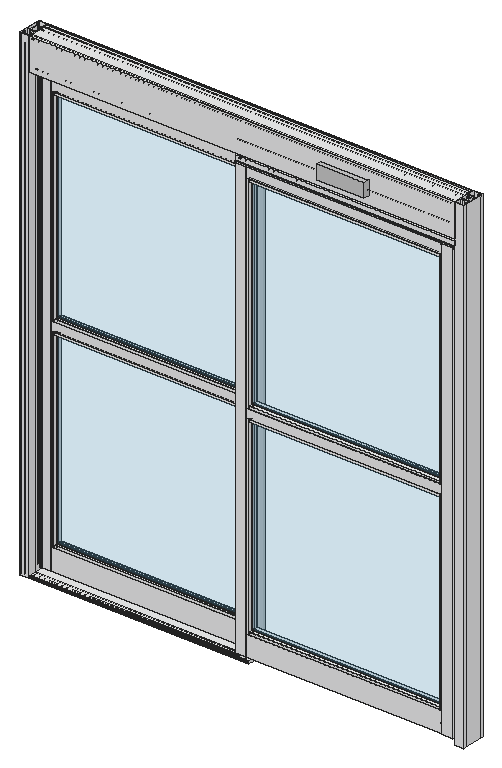
Revit family "2-6-1_Sliding-Door_TX9300SL_Single-RH-Inside-Slide-SX-SO_Tormax", category Doors, host Wall, Revit 2026 (continued)
Definition of nested family "Door-Sliding-Tormax-Panel-SX_2.6"
  Forms (in)
    Sweep 3, solid, material <- "Frame Material"
      profile origin (20.71875, 0, 42.06245) x (-1, 0, 0) y (0, -1, 0)
        loop
          line (1.844, -0.76483) -> (1.844, 0.76517) -> (0.33616, 0.76517)
          arc (0.33616, 0.76517) -> (0.28782, 0.57373) -> (0.25342, 0.37931) r 2.73645
          line (0.25342, 0.37931) -> (0.15, 0.37931) -> (0.15, 0.18239) -> (0.25029, 0.18239) -> (0.25029, -0.18239) -> (0.15, -0.18239) -> (0.15, -0.37931) -> (0.25342, -0.37931)
          arc (0.25342, -0.37931) -> (0.28778, -0.57356) -> (0.33606, -0.76483) r 2.73645
          line (0.33606, -0.76483) -> (1.844, -0.76483)
    Sweep 4, solid, material <- "Frame Material"
      path origin (0, 0, 0) x (1, 0, 0) y (0, 0, 1)
        loop
          line (0, 4.5) -> (0, 41.125)
      profile origin (0, 0, 22.8125) x (-1, 0, 0) y (0, -1, 0)
        loop
          line (-18.59375, -0.87481) -> (-18.09395, -0.87481) -> (-18.09395, -0.20955) -> (-18.05909, -0.20955) -> (-17.99796, -0.09459) -> (-18.01995, -0.07259) -> (-18.09186, -0.12483) -> (-18.30168, -0.12483) -> (-18.30168, -0.20955) -> (-18.4693, -0.20955) -> (-18.4693, -0.13997) -> (-18.55595, -0.13997) -> (-18.55595, 0.13997) -> (-18.4693, 0.13997) -> (-18.4693, 0.20955) -> (-18.30168, 0.20955) -> (-18.30168, 0.12483) -> (-18.09186, 0.12483) -> (-18.01995, 0.07259) -> (-17.99796, 0.09459) -> (-18.05909, 0.20955) -> (-18.09395, 0.20955) -> (-18.09395, 0.87481) -> (-18.59375, 0.87481) -> (-18.59375, 0.66561) -> (-18.69347, 0.66561) -> (-18.69347, 0.76483) -> (-18.74347, 0.76483) -> (-18.74347, 0.6157) -> (-18.63748, 0.6157) -> (-18.51344, 0.49166) -> (-18.51344, 0.32983)
          arc (-18.51344, 0.32983) -> (-18.57886, 0.30274) -> (-18.60595, 0.23732) r 0.09251
          line (-18.60595, 0.23732) -> (-18.60595, 0.1901) -> (-18.74975, 0.1901) -> (-18.74975, 0.13997) -> (-18.60595, 0.13997) -> (-18.60595, -0.13997) -> (-18.74975, -0.13997) -> (-18.74975, -0.1901) -> (-18.61896, -0.1901) -> (-18.61896, -0.25955) -> (-18.40109, -0.25955) -> (-18.40109, -0.4032) -> (-18.14361, -0.4032) -> (-18.14361, -0.8251) -> (-18.54358, -0.8251) -> (-18.54358, -0.65698) -> (-18.65806, -0.65698) -> (-18.65806, -0.70698) -> (-18.59375, -0.70698) -> (-18.59375, -0.87481)
        loop
          line (-18.49369, 0.8251) -> (-18.49369, 0.74143) -> (-18.55985, 0.74143) -> (-18.55985, 0.67847) -> (-18.46344, 0.58206) -> (-18.46344, 0.25099) -> (-18.40109, 0.25099) -> (-18.40109, 0.4032) -> (-18.14361, 0.4032) -> (-18.14361, 0.8251) -> (-18.49369, 0.8251)
        loop
          line (18.59375, -0.87481) -> (18.59375, -0.70698) -> (18.65806, -0.70698) -> (18.65806, -0.65698) -> (18.54358, -0.65698) -> (18.54358, -0.8251) -> (18.14361, -0.8251) -> (18.14361, -0.4032) -> (18.40109, -0.4032) -> (18.40109, -0.25955) -> (18.61896, -0.25955) -> (18.61896, -0.1901) -> (18.74975, -0.1901) -> (18.74975, -0.13997) -> (18.60595, -0.13997) -> (18.60595, 0.13997) -> (18.74975, 0.13997) -> (18.74975, 0.1901) -> (18.60595, 0.1901) -> (18.60595, 0.23732)
          arc (18.60595, 0.23732) -> (18.57886, 0.30274) -> (18.51344, 0.32983) r 0.09251
          line (18.51344, 0.32983) -> (18.51344, 0.49166) -> (18.63748, 0.6157) -> (18.74347, 0.6157) -> (18.74347, 0.76483) -> (18.69347, 0.76483) -> (18.69347, 0.66561) -> (18.59375, 0.66561) -> (18.59375, 0.87481) -> (18.09395, 0.87481) -> (18.09395, 0.20955) -> (18.05909, 0.20955) -> (17.99796, 0.09459) -> (18.01995, 0.07259) -> (18.09186, 0.12483) -> (18.30168, 0.12483) -> (18.30168, 0.20955) -> (18.4693, 0.20955) -> (18.4693, 0.13997) -> (18.55595, 0.13997) -> (18.55595, -0.13997) -> (18.4693, -0.13997) -> (18.4693, -0.20955) -> (18.30168, -0.20955) -> (18.30168, -0.12483) -> (18.09186, -0.12483) -> (18.01995, -0.07259) -> (17.99796, -0.09459) -> (18.05909, -0.20955) -> (18.09395, -0.20955) -> (18.09395, -0.87481) -> (18.59375, -0.87481)
        loop
          line (18.49369, 0.8251) -> (18.14361, 0.8251) -> (18.14361, 0.4032) -> (18.40109, 0.4032) -> (18.40109, 0.25099) -> (18.46344, 0.25099) -> (18.46344, 0.58206) -> (18.55985, 0.67847) -> (18.55985, 0.74143) -> (18.49369, 0.74143) -> (18.49369, 0.8251)
    Extrusion 5, solid, material <- "Glass"
      sketch origin (0, 0, 0) x (1, 0, 0) y (0, 1, 0)
        loop
          line (-18.30168, 0.12483) -> (-18.30168, -0.12517) -> (18.30168, -0.12517) -> (18.30168, 0.12483) -> (-18.30168, 0.12483)
      from 4.79207 to 40.83293
    Sweep 6, solid, material <- "Frame Material"
      path origin (0, 0, 0) x (1, 0, 0) y (0, 0, 1)
        loop
          line (-18.09395, 42) -> (18.09395, 42)
      profile origin (0, 0, 42) x (0, 0, 1) y (0, -1, 0)
        loop
          line (-37.5, 0.87481) -> (-37.5, 0.70698) -> (-37.56431, 0.70698) -> (-37.56431, 0.65698) -> (-37.44983, 0.65698) -> (-37.44983, 0.8251) -> (-37.04986, 0.8251) -> (-37.04986, 0.4032) -> (-37.30734, 0.4032) -> (-37.30734, 0.25955) -> (-37.52521, 0.25955) -> (-37.52521, 0.1901) -> (-37.656, 0.1901) -> (-37.656, 0.13997) -> (-37.5122, 0.13997) -> (-37.5122, -0.13997) -> (-37.656, -0.13997) -> (-37.656, -0.1901) -> (-37.5122, -0.1901) -> (-37.5122, -0.23732)
          arc (-37.5122, -0.23732) -> (-37.48511, -0.30274) -> (-37.41969, -0.32983) r 0.09251
          line (-37.41969, -0.32983) -> (-37.41969, -0.49166) -> (-37.54373, -0.6157) -> (-37.64972, -0.6157) -> (-37.64972, -0.76483) -> (-37.59972, -0.76483) -> (-37.59972, -0.66561) -> (-37.5, -0.66561) -> (-37.5, -0.87481) -> (-37.0002, -0.87481) -> (-37.0002, -0.20955) -> (-36.96534, -0.20955) -> (-36.90421, -0.09459) -> (-36.9262, -0.07259) -> (-36.99811, -0.12483) -> (-37.20793, -0.12483) -> (-37.20793, -0.20955) -> (-37.37555, -0.20955) -> (-37.37555, -0.13997) -> (-37.4622, -0.13997) -> (-37.4622, 0.13997) -> (-37.37555, 0.13997) -> (-37.37555, 0.20955) -> (-37.20793, 0.20955) -> (-37.20793, 0.12483) -> (-36.99811, 0.12483) -> (-36.9262, 0.07259) -> (-36.90421, 0.09459) -> (-36.96534, 0.20955) -> (-37.0002, 0.20955) -> (-37.0002, 0.87481) -> (-37.5, 0.87481)
        loop
          line (-37.39994, -0.8251) -> (-37.04986, -0.8251) -> (-37.04986, -0.4032) -> (-37.30734, -0.4032) -> (-37.30734, -0.25099) -> (-37.36969, -0.25099) -> (-37.36969, -0.58206) -> (-37.4661, -0.67847) -> (-37.4661, -0.74143) -> (-37.39994, -0.74143) -> (-37.39994, -0.8251)
        loop
          line (-0.875, 0.87481) -> (-1.3748, 0.87481) -> (-1.3748, 0.20955) -> (-1.40966, 0.20955) -> (-1.47079, 0.09459) -> (-1.4488, 0.07259) -> (-1.37689, 0.12483) -> (-1.16707, 0.12483) -> (-1.16707, 0.20955) -> (-0.99945, 0.20955) -> (-0.99945, 0.13997) -> (-0.9128, 0.13997) -> (-0.9128, -0.13997) -> (-0.99945, -0.13997) -> (-0.99945, -0.20955) -> (-1.16707, -0.20955) -> (-1.16707, -0.12483) -> (-1.37689, -0.12483) -> (-1.4488, -0.07259) -> (-1.47079, -0.09459) -> (-1.40966, -0.20955) -> (-1.3748, -0.20955) -> (-1.3748, -0.87481) -> (-0.875, -0.87481) -> (-0.875, -0.66561) -> (-0.77528, -0.66561) -> (-0.77528, -0.76483) -> (-0.72528, -0.76483) -> (-0.72528, -0.6157) -> (-0.83127, -0.6157) -> (-0.95531, -0.49166) -> (-0.95531, -0.32983)
          arc (-0.95531, -0.32983) -> (-0.88989, -0.30274) -> (-0.8628, -0.23732) r 0.09251
          line (-0.8628, -0.23732) -> (-0.8628, -0.1901) -> (-0.719, -0.1901) -> (-0.719, -0.13997) -> (-0.8628, -0.13997) -> (-0.8628, 0.13997) -> (-0.719, 0.13997) -> (-0.719, 0.1901) -> (-0.84979, 0.1901) -> (-0.84979, 0.25955) -> (-1.06766, 0.25955) -> (-1.06766, 0.4032) -> (-1.32514, 0.4032) -> (-1.32514, 0.8251) -> (-0.92517, 0.8251) -> (-0.92517, 0.65698) -> (-0.81069, 0.65698) -> (-0.81069, 0.70698) -> (-0.875, 0.70698) -> (-0.875, 0.87481)
        loop
          line (-0.97506, -0.8251) -> (-0.97506, -0.74143) -> (-0.9089, -0.74143) -> (-0.9089, -0.67847) -> (-1.00531, -0.58206) -> (-1.00531, -0.25099) -> (-1.06766, -0.25099) -> (-1.06766, -0.4032) -> (-1.32514, -0.4032) -> (-1.32514, -0.8251) -> (-0.97506, -0.8251)
        loop
          line (0.875, 0.87481) -> (0.875, 0.70698) -> (0.81069, 0.70698) -> (0.81069, 0.65698) -> (0.92517, 0.65698) -> (0.92517, 0.8251) -> (1.32514, 0.8251) -> (1.32514, 0.4032) -> (1.06766, 0.4032) -> (1.06766, 0.25955) -> (0.84979, 0.25955) -> (0.84979, 0.1901) -> (0.719, 0.1901) -> (0.719, 0.13997) -> (0.8628, 0.13997) -> (0.8628, -0.13997) -> (0.719, -0.13997) -> (0.719, -0.1901) -> (0.8628, -0.1901) -> (0.8628, -0.23732)
          arc (0.8628, -0.23732) -> (0.88989, -0.30274) -> (0.95531, -0.32983) r 0.09251
          line (0.95531, -0.32983) -> (0.95531, -0.49166) -> (0.83127, -0.6157) -> (0.72528, -0.6157) -> (0.72528, -0.76483) -> (0.77528, -0.76483) -> (0.77528, -0.66561) -> (0.875, -0.66561) -> (0.875, -0.87481) -> (1.3748, -0.87481) -> (1.3748, -0.20955) -> (1.40966, -0.20955) -> (1.47079, -0.09459) -> (1.4488, -0.07259) -> (1.37689, -0.12483) -> (1.16707, -0.12483) -> (1.16707, -0.20955) -> (0.99945, -0.20955) -> (0.99945, -0.13997) -> (0.9128, -0.13997) -> (0.9128, 0.13997) -> (0.99945, 0.13997) -> (0.99945, 0.20955) -> (1.16707, 0.20955) -> (1.16707, 0.12483) -> (1.37689, 0.12483) -> (1.4488, 0.07259) -> (1.47079, 0.09459) -> (1.40966, 0.20955) -> (1.3748, 0.20955) -> (1.3748, 0.87481) -> (0.875, 0.87481)
        loop
          line (0.97506, -0.8251) -> (1.32514, -0.8251) -> (1.32514, -0.4032) -> (1.06766, -0.4032) -> (1.06766, -0.25099) -> (1.00531, -0.25099) -> (1.00531, -0.58206) -> (0.9089, -0.67847) -> (0.9089, -0.74143) -> (0.97506, -0.74143) -> (0.97506, -0.8251)
        loop
          line (39.8749, 0.87481) -> (39.3751, 0.87481) -> (39.3751, 0.20955) -> (39.34024, 0.20955) -> (39.27911, 0.09459) -> (39.30111, 0.07259) -> (39.37301, 0.12483) -> (39.58283, 0.12483) -> (39.58283, 0.20955) -> (39.75045, 0.20955) -> (39.75045, 0.13997) -> (39.83711, 0.13997) -> (39.83711, -0.13997) -> (39.75045, -0.13997) -> (39.75045, -0.20955) -> (39.58283, -0.20955) -> (39.58283, -0.12483) -> (39.37301, -0.12483) -> (39.30111, -0.07259) -> (39.27911, -0.09459) -> (39.34024, -0.20955) -> (39.3751, -0.20955) -> (39.3751, -0.87481) -> (39.8749, -0.87481) -> (39.8749, -0.66561) -> (39.97462, -0.66561) -> (39.97462, -0.76483) -> (40.02462, -0.76483) -> (40.02462, -0.6157) -> (39.91863, -0.6157) -> (39.79459, -0.49166) -> (39.79459, -0.32983)
          arc (39.79459, -0.32983) -> (39.86001, -0.30274) -> (39.88711, -0.23732) r 0.09251
          line (39.88711, -0.23732) -> (39.88711, -0.1901) -> (40.0309, -0.1901) -> (40.0309, -0.13997) -> (39.88711, -0.13997) -> (39.88711, 0.13997) -> (40.0309, 0.13997) -> (40.0309, 0.1901) -> (39.90011, 0.1901) -> (39.90011, 0.25955) -> (39.68225, 0.25955) -> (39.68225, 0.4032) -> (39.42476, 0.4032) -> (39.42476, 0.8251) -> (39.82473, 0.8251) -> (39.82473, 0.65698) -> (39.93921, 0.65698) -> (39.93921, 0.70698) -> (39.8749, 0.70698) -> (39.8749, 0.87481)
        loop
          line (39.77485, -0.8251) -> (39.77485, -0.74143) -> (39.84101, -0.74143) -> (39.84101, -0.67847) -> (39.74459, -0.58206) -> (39.74459, -0.25099) -> (39.68225, -0.25099) -> (39.68225, -0.4032) -> (39.42476, -0.4032) -> (39.42476, -0.8251) -> (39.77485, -0.8251)
    Sweep 7, solid, material <- "Frame Material"
      path origin (0, 0, 0) x (1, 0, 0) y (0, 0, 1)
        loop
          line (0, 42.875) -> (0, 81.8749)
      profile origin (0, 0, 62.37495) x (-1, 0, 0) y (0, -1, 0)
        loop
          line (-18.59375, -0.87481) -> (-18.09395, -0.87481) -> (-18.09395, -0.20955) -> (-18.05909, -0.20955) -> (-17.99796, -0.09459) -> (-18.01995, -0.07259) -> (-18.09186, -0.12483) -> (-18.30168, -0.12483) -> (-18.30168, -0.20955) -> (-18.4693, -0.20955) -> (-18.4693, -0.13997) -> (-18.55595, -0.13997) -> (-18.55595, 0.13997) -> (-18.4693, 0.13997) -> (-18.4693, 0.20955) -> (-18.30168, 0.20955) -> (-18.30168, 0.12483) -> (-18.09186, 0.12483) -> (-18.01995, 0.07259) -> (-17.99796, 0.09459) -> (-18.05909, 0.20955) -> (-18.09395, 0.20955) -> (-18.09395, 0.87481) -> (-18.59375, 0.87481) -> (-18.59375, 0.66561) -> (-18.69347, 0.66561) -> (-18.69347, 0.76483) -> (-18.74347, 0.76483) -> (-18.74347, 0.6157) -> (-18.63748, 0.6157) -> (-18.51344, 0.49166) -> (-18.51344, 0.32983)
          arc (-18.51344, 0.32983) -> (-18.57886, 0.30274) -> (-18.60595, 0.23732) r 0.09251
          line (-18.60595, 0.23732) -> (-18.60595, 0.1901) -> (-18.74975, 0.1901) -> (-18.74975, 0.13997) -> (-18.60595, 0.13997) -> (-18.60595, -0.13997) -> (-18.74975, -0.13997) -> (-18.74975, -0.1901) -> (-18.61896, -0.1901) -> (-18.61896, -0.25955) -> (-18.40109, -0.25955) -> (-18.40109, -0.4032) -> (-18.14361, -0.4032) -> (-18.14361, -0.8251) -> (-18.54358, -0.8251) -> (-18.54358, -0.65698) -> (-18.65806, -0.65698) -> (-18.65806, -0.70698) -> (-18.59375, -0.70698) -> (-18.59375, -0.87481)
        loop
          line (-18.49369, 0.8251) -> (-18.49369, 0.74143) -> (-18.55985, 0.74143) -> (-18.55985, 0.67847) -> (-18.46344, 0.58206) -> (-18.46344, 0.25099) -> (-18.40109, 0.25099) -> (-18.40109, 0.4032) -> (-18.14361, 0.4032) -> (-18.14361, 0.8251) -> (-18.49369, 0.8251)
        loop
          line (18.59375, -0.87481) -> (18.59375, -0.70698) -> (18.65806, -0.70698) -> (18.65806, -0.65698) -> (18.54358, -0.65698) -> (18.54358, -0.8251) -> (18.14361, -0.8251) -> (18.14361, -0.4032) -> (18.40109, -0.4032) -> (18.40109, -0.25955) -> (18.61896, -0.25955) -> (18.61896, -0.1901) -> (18.74975, -0.1901) -> (18.74975, -0.13997) -> (18.60595, -0.13997) -> (18.60595, 0.13997) -> (18.74975, 0.13997) -> (18.74975, 0.1901) -> (18.60595, 0.1901) -> (18.60595, 0.23732)
          arc (18.60595, 0.23732) -> (18.57886, 0.30274) -> (18.51344, 0.32983) r 0.09251
          line (18.51344, 0.32983) -> (18.51344, 0.49166) -> (18.63748, 0.6157) -> (18.74347, 0.6157) -> (18.74347, 0.76483) -> (18.69347, 0.76483) -> (18.69347, 0.66561) -> (18.59375, 0.66561) -> (18.59375, 0.87481) -> (18.09395, 0.87481) -> (18.09395, 0.20955) -> (18.05909, 0.20955) -> (17.99796, 0.09459) -> (18.01995, 0.07259) -> (18.09186, 0.12483) -> (18.30168, 0.12483) -> (18.30168, 0.20955) -> (18.4693, 0.20955) -> (18.4693, 0.13997) -> (18.55595, 0.13997) -> (18.55595, -0.13997) -> (18.4693, -0.13997) -> (18.4693, -0.20955) -> (18.30168, -0.20955) -> (18.30168, -0.12483) -> (18.09186, -0.12483) -> (18.01995, -0.07259) -> (17.99796, -0.09459) -> (18.05909, -0.20955) -> (18.09395, -0.20955) -> (18.09395, -0.87481) -> (18.59375, -0.87481)
        loop
          line (18.49369, 0.8251) -> (18.14361, 0.8251) -> (18.14361, 0.4032) -> (18.40109, 0.4032) -> (18.40109, 0.25099) -> (18.46344, 0.25099) -> (18.46344, 0.58206) -> (18.55985, 0.67847) -> (18.55985, 0.74143) -> (18.49369, 0.74143) -> (18.49369, 0.8251)
    Extrusion 8, solid, material <- "Glass"
      sketch origin (0, 0, 0) x (1, 0, 0) y (0, 1, 0)
        loop
          line (-18.30168, 0.12483) -> (-18.30168, -0.12517) -> (18.30168, -0.12517) -> (18.30168, 0.12483) -> (-18.30168, 0.12483)
      from 43.16707 to 81.58283
    Sweep 9, solid, material <- "Frame Material"
      path origin (0, 0, 0) x (1, 0, 0) y (0, 0, 1)
        loop
          line (-20.71875, 85) -> (20.71875, 85)
      profile origin (0, 0, 85) x (0, 0, 1) y (0, -1, 0)
        loop
          line (-1.08701, -0.859) -> (-1.08701, -0.63529) -> (-1.21201, -0.68471) -> (-1.21201, -0.49529) -> (-1.09278, -0.54243)
          arc (-1.09278, -0.54243) -> (-1.03855, -0.41755) -> (-1.02001, -0.28267) r 0.5
          line (-1.02001, -0.28267) -> (-1.02001, 0.253)
          arc (-1.02001, 0.253) -> (-0.94504, 0.328) -> (-0.87001, 0.25306) r 0.075
          line (-0.87001, 0.25306) -> (-0.87001, 0.01297)
          arc (-0.87001, 0.01297) -> (-0.86062, -0.08351) -> (-0.83278, -0.17636) r 0.5
          arc (-0.83278, -0.17636) -> (-0.80501, -0.195) -> (-0.77725, -0.17636) r 0.03
          arc (-0.77725, -0.17636) -> (-0.76152, -0.13208) -> (-0.75001, -0.08652) r 0.5
          line (-0.75001, -0.08652) -> (-0.75001, 0.859) -> (-1.3751, 0.859) -> (-1.3751, -0.859) -> (-1.08701, -0.859)
    Extrusion 10, solid
      sketch origin (0, 0, 0) x (1, 0, 0) y (0, 1, 0)
        loop
          circle (-19.67175, 0) r 0.69
      from 0 to 0.5
  Lines and regions (in)
    symbolic lines
      curve 1: line (-20.71875, 0, 42) -> (20.71875, 0, 83.6249)
      curve 2: line (-20.71875, 0, 42) -> (20.71875, 0, 0.5)
      curve 3: line (-19.67175, -0.91, 0) -> (-19.67175, -41.3005, 0)
      curve 4: arc (-19.67175, -41.3005, 0) -> (8.88865, -29.4704, 0) -> (20.71875, -0.91, 0) r 40.3905
  Dimensions and locks (in)
    "Height": plane 4 to level
    equal spacing: plane 10, plane 3 "Center (Left/Right)", plane 11
    "Width": plane 10 to plane 11
    "Thickness": plane 9 "INTERIOR" to plane 8 "EXTERIOR"
    equal spacing: plane 9 "INTERIOR", plane 1 "Center (Front/Back)", plane 8 "EXTERIOR"
    locked: plane 10 to plane 12 at 2.125
    locked: plane 13 to plane 11 at 2.125
    locked: plane 5 to level at 42
    plane 14 to plane 5 to plane 15 = 0' - 0 7/8" locked, 0' - 0 7/8" locked
    plane 10 to Sweep 1 sketch curve to Sweep 1 sketch curve = 0' - 2 1/8" locked, 0' - 0" locked
    plane 17 to plane 18 = 0' - 4"
    locked: Sweep 4 sketch curve to plane 13 at 0.4998  (x2)
    plane 12 to Sweep 4 sketch curve to Sweep 4 sketch curve = 0' - 0.4998" locked, 0' - 0" locked
    plane 7 to plane 1 "Center (Front/Back)" to plane 6 = 0' - 0.12517" locked, 0' - 0.12483" locked
    locked: Extrusion 5 sketch curve to plane 13 at 0.29207
    locked: plane 12 to Extrusion 5 sketch curve at 0.29207
    locked: Sweep 6 sketch curve to plane 13 at 0.4998
    locked: Sweep 6 sketch curve to plane 12 at 0.4998
    locked: Sweep 6 sketch curve to plane 17 at 0.4998  (x2)
    Sweep 6 sketch curve to Sweep 6 sketch curve to plane 15 = 0' - 0" locked, 0' - 0.4998" locked
    Sweep 6 sketch curve to Sweep 6 sketch curve to plane 14 = 0' - 0" locked, 0' - 0.4998" locked
    Sweep 6 sketch curve to Sweep 6 sketch curve to plane 16 = 0' - 0" locked, 0' - 0.4998" locked
    locked: plane 17 to Extrusion 5 at 0.29207
    locked: Extrusion 5 to plane 15 at 0.29207
    locked: Extrusion 8 to plane 14 at 0.29207
    locked: Extrusion 8 to plane 16 at 0.29207
    locked: plane 12 to Sweep 7 sketch curve at 0.4998  (x2)
    Sweep 7 sketch curve to Sweep 7 sketch curve to plane 13 = 0' - 0" locked, 0' - 0.4998" locked
    locked: plane 16 to plane 4 at 3.1251
    plane 16 to Sweep 2 sketch curve to Sweep 2 sketch curve = 0' - 1.444" locked, 0' - 0.15" locked
    locked: plane 18 to plane 2 at 0.5
    locked: plane 10 to plane 19 at 1.047
    locked: plane 4 to plane 20 at 1.3751
    locked: plane 20 to Sweep 9 sketch curve at 0.62508
    "Door Swing": radius of curve 4
    aligned and locked: plane 2 to level
    aligned and locked: Sweep 1 sketch curve to plane 10
    aligned and locked: Sweep 1 sketch curve to plane 9 "INTERIOR"
    aligned and locked: Sweep 1 sketch curve to plane 8 "EXTERIOR"
    aligned and locked: plane 12 to Sweep 2 sketch curve
    aligned and locked: plane 13 to Sweep 2 sketch curve
    aligned and locked: Sweep 2 sketch curve to plane 2
    aligned and locked: plane 14 to Sweep 2 sketch curve
    aligned and locked: Sweep 2 sketch curve to plane 14
    aligned and locked: plane 11 to Sweep 3 sketch curve
    aligned and locked: plane 13 to Sweep 3 sketch curve
    aligned and locked: plane 3 "Center (Left/Right)" to Sweep 4 sketch curve
    aligned and locked: plane 15 to Sweep 4 sketch curve
    aligned and locked: plane 17 to Sweep 4 sketch curve
    aligned and locked: Sweep 4 sketch curve to plane 13
    aligned and locked: plane 13 to Sweep 4 sketch curve
    aligned and locked: plane 12 to Sweep 4 sketch curve
    aligned and locked: Sweep 4 sketch curve to plane 12
    aligned and locked: plane 6 to Extrusion 5 sketch curve
    aligned and locked: plane 7 to Extrusion 5 sketch curve
    aligned and locked: Sweep 6 sketch curve to plane 5
    aligned and locked: plane 17 to Sweep 6 sketch curve
    aligned and locked: Sweep 6 sketch curve to plane 17
    aligned and locked: plane 15 to Sweep 6 sketch curve
    aligned and locked: Sweep 6 sketch curve to plane 15
    aligned and locked: Sweep 6 sketch curve to plane 14
    aligned and locked: plane 14 to Sweep 6 sketch curve
    aligned and locked: Sweep 6 sketch curve to plane 16
    aligned and locked: plane 16 to Sweep 6 sketch curve
    aligned and locked: plane 16 to Sweep 7 sketch curve
    aligned and locked: plane 14 to Sweep 7 sketch curve
    aligned and locked: plane 12 to Sweep 7 sketch curve
    aligned and locked: Sweep 7 sketch curve to plane 12
    aligned and locked: Sweep 7 sketch curve to plane 13
    aligned and locked: plane 13 to Sweep 7 sketch curve
    aligned and locked: plane 10 to Sweep 9 sketch curve
    aligned and locked: plane 11 to Sweep 9 sketch curve
    aligned and locked: Sweep 9 sketch curve to plane 4
    aligned and locked: Sweep 2 sketch curve to plane 16  (x2)
    aligned and locked: plane 5 to curve 2
    aligned and locked: plane 10 to curve 1
    aligned and locked: plane 17 to Sweep 2 sketch curve  (x2)
    aligned and locked: Sweep 2 sketch curve to plane 18  (x2)
    aligned and locked: plane 18 to Sweep 1 sketch curve
    aligned and locked: plane 18 to Sweep 3 sketch curve
    aligned and locked: plane 18 to curve 2
    aligned and locked: plane 11 to curve 2
    aligned and locked: plane 1 "Center (Front/Back)" to Extrusion 10 sketch curve
    aligned and locked: curve 3 to plane 19
    aligned and locked: plane 8 "EXTERIOR" to curve 4  (x2)
    aligned and locked: plane 19 to curve 4
    aligned and locked: Sweep 1 to Extrusion 10
    aligned and locked: plane 20 to Sweep 1 sketch curve
    aligned and locked: plane 20 to curve 1
    aligned and locked: plane 20 to Sweep 3 sketch curve
    aligned and locked: Sweep 9 sketch curve to plane 20
  Automatic sketch dimensions
    Sweep 4 sketch curve to Sweep 4 sketch curve = 0' - 0.0122"
    Sweep 4 sketch curve to plane 1 "Center (Front/Back)" = 0' - 0.13997"
    Sweep 4 sketch curve to Sweep 4 sketch curve = 0' - 0"  (x5)
    Sweep 4 sketch curve to Sweep 4 sketch curve = 0' - 0.01301"  (x2)
    plane 1 "Center (Front/Back)" to Sweep 4 sketch curve = 0' - 0.6157"
    Sweep 4 sketch curve to Sweep 4 sketch curve = 0' - 0.04373"  (x2)
    Sweep 4 sketch curve to Sweep 4 sketch curve = 0' - 0.06431"  (x2)
    Sweep 4 sketch curve to Sweep 4 sketch curve = 0' - 0.05599"
    Sweep 4 sketch curve to Sweep 4 sketch curve = 0' - 0.05"  (x8)
    Sweep 4 sketch curve to Sweep 4 sketch curve = 0' - 0.13079"  (x2)
    Sweep 4 sketch curve to Sweep 4 sketch curve = 0' - 0.1438"  (x2)
    Sweep 4 sketch curve to Sweep 4 sketch curve = 0' - 0.0339"  (x2)
    Sweep 4 sketch curve to Sweep 4 sketch curve = 0' - 0.05017"  (x2)
    plane 1 "Center (Front/Back)" to Sweep 4 sketch curve = 0' - 0.49166"
    Sweep 4 sketch curve to Sweep 4 sketch curve = 0' - 0.12404"  (x2)
    Sweep 4 sketch curve to Sweep 4 sketch curve = 0' - 0.06616"  (x2)
    Sweep 4 sketch curve to Sweep 4 sketch curve = 0' - 0.08665"  (x3)
    Sweep 4 sketch curve to Sweep 4 sketch curve = 0' - 0.00586"  (x2)
    Sweep 4 sketch curve to Sweep 4 sketch curve = 0' - 0.0682"  (x2)
    Sweep 4 sketch curve to Sweep 4 sketch curve = 0' - 0.11234"
    Sweep 4 sketch curve to Sweep 4 sketch curve = 0' - 0.09942"  (x4)
    Sweep 4 sketch curve to Sweep 4 sketch curve = 0' - 0.04966"  (x4)
    Sweep 4 sketch curve to plane 1 "Center (Front/Back)" = 0' - 0.12483"
    Sweep 4 sketch curve to Sweep 4 sketch curve = 0' - 0.00209"  (x2)
    Sweep 4 sketch curve to Sweep 4 sketch curve = 0' - 0.03487"  (x4)
    plane 1 "Center (Front/Back)" to Sweep 4 sketch curve = 0' - 0.20955"  (x2)
    plane 1 "Center (Front/Back)" to Sweep 4 sketch curve = 0' - 0.07259"  (x2)
    Sweep 4 sketch curve to Sweep 4 sketch curve = 0' - 0.0719"  (x4)
    Sweep 4 sketch curve to plane 1 "Center (Front/Back)" = 0' - 0.07259"  (x2)
    Sweep 4 sketch curve to plane 1 "Center (Front/Back)" = 0' - 0.09459"  (x2)
    Sweep 4 sketch curve to Sweep 4 sketch curve = 0' - 0.02199"  (x4)
    plane 1 "Center (Front/Back)" to Sweep 4 sketch curve = 0' - 0.09459"  (x2)
    Sweep 4 sketch curve to Sweep 4 sketch curve = 0' - 0.06113"
    Sweep 4 sketch curve to plane 1 "Center (Front/Back)" = 0' - 0.20955"
    plane 1 "Center (Front/Back)" to Sweep 4 sketch curve = 0' - 0.12483"
    Sweep 4 sketch curve to Sweep 4 sketch curve = 0' - 0.06234"
    Sweep 4 sketch curve to Sweep 4 sketch curve = 0' - 0.03026"
    Sweep 4 sketch curve to Sweep 4 sketch curve = 0' - 0.14248"
    Sweep 4 sketch curve to Sweep 4 sketch curve = 0' - 0.09251"
    Sweep 4 sketch curve to Sweep 4 sketch curve = 0' - 0.13361"
    Sweep 4 sketch curve to plane 1 "Center (Front/Back)" = 0' - 0.25955"
    Sweep 4 sketch curve to Sweep 4 sketch curve = 0' - 0.11958"
    Sweep 4 sketch curve to Sweep 4 sketch curve = 0' - 0.14365"
    Sweep 4 sketch curve to Sweep 4 sketch curve = 0' - 0.19365"  (x3)
    Sweep 4 sketch curve to Sweep 4 sketch curve = 0' - 0.25378"  (x2)
    Sweep 4 sketch curve to Sweep 4 sketch curve = 0' - 0.4219"  (x2)
    Sweep 4 sketch curve to Sweep 4 sketch curve = 0' - 0.04971"  (x4)
    Sweep 4 sketch curve to Sweep 4 sketch curve = 0' - 0.08472"  (x5)
    Sweep 4 sketch curve to Sweep 4 sketch curve = 0' - 0.05012"  (x4)
    Sweep 4 sketch curve to Sweep 4 sketch curve = 0' - 0.06945"
    Sweep 4 sketch curve to Sweep 4 sketch curve = 0' - 0.06958"  (x2)
    plane 1 "Center (Front/Back)" to Sweep 4 sketch curve = 0' - 0.13997"  (x2)
    Sweep 4 sketch curve to Sweep 4 sketch curve = 0' - 0.04722"
    Sweep 4 sketch curve to Sweep 4 sketch curve = 0' - 0.02777"
    Sweep 4 sketch curve to Sweep 4 sketch curve = 0' - 0.04144"  (x2)
    Sweep 4 sketch curve to Sweep 4 sketch curve = 0' - 0.08847"
    Sweep 4 sketch curve to Sweep 4 sketch curve = 0' - 0.0904"  (x2)
    Sweep 4 sketch curve to Sweep 4 sketch curve = 0' - 0.04991"  (x2)
    Sweep 4 sketch curve to Sweep 4 sketch curve = 0' - 0.01286"  (x2)
    Sweep 4 sketch curve to Sweep 4 sketch curve = 0' - 0.06296"  (x2)
    Sweep 4 sketch curve to Sweep 4 sketch curve = 0' - 0.09922"  (x2)
    Sweep 4 sketch curve to Sweep 4 sketch curve = 0' - 0.08367"  (x2)
    Sweep 7 sketch curve to plane 3 "Center (Left/Right)" = 0' - 0"
    plane 1 "Center (Front/Back)" to Sweep 7 sketch curve = 0' - 0.1901"
    Sweep 7 sketch curve to Sweep 7 sketch curve = 0' - 0"  (x6)
    Sweep 7 sketch curve to Sweep 7 sketch curve = 0' - 0.00628"
    Sweep 7 sketch curve to Sweep 7 sketch curve = 0' - 0.05"  (x8)
    Sweep 7 sketch curve to Sweep 7 sketch curve = 0' - 0.05599"
    Sweep 7 sketch curve to Sweep 7 sketch curve = 0' - 0.13079"  (x2)
    Sweep 7 sketch curve to Sweep 7 sketch curve = 0' - 0.1438"  (x2)
    Sweep 7 sketch curve to Sweep 7 sketch curve = 0' - 0.06431"  (x2)
    Sweep 7 sketch curve to Sweep 7 sketch curve = 0' - 0.04373"  (x2)
    Sweep 7 sketch curve to Sweep 7 sketch curve = 0' - 0.0339"  (x2)
    Sweep 7 sketch curve to Sweep 7 sketch curve = 0' - 0.05017"  (x2)
    plane 1 "Center (Front/Back)" to Sweep 7 sketch curve = 0' - 0.49166"
    Sweep 7 sketch curve to Sweep 7 sketch curve = 0' - 0.12404"  (x3)
    Sweep 7 sketch curve to Sweep 7 sketch curve = 0' - 0.06616"  (x2)
    Sweep 7 sketch curve to Sweep 7 sketch curve = 0' - 0.08665"  (x3)
    Sweep 7 sketch curve to Sweep 7 sketch curve = 0' - 0.00586"  (x2)
    Sweep 7 sketch curve to Sweep 7 sketch curve = 0' - 0.0682"  (x2)
    Sweep 7 sketch curve to Sweep 7 sketch curve = 0' - 0.11234"
    Sweep 7 sketch curve to Sweep 7 sketch curve = 0' - 0.09942"  (x4)
    Sweep 7 sketch curve to Sweep 7 sketch curve = 0' - 0.04966"  (x4)
    Sweep 7 sketch curve to plane 1 "Center (Front/Back)" = 0' - 0.12483"
    Sweep 7 sketch curve to Sweep 7 sketch curve = 0' - 0.00209"  (x2)
    Sweep 7 sketch curve to Sweep 7 sketch curve = 0' - 0.03487"  (x4)
    plane 1 "Center (Front/Back)" to Sweep 7 sketch curve = 0' - 0.20955"  (x2)
    plane 1 "Center (Front/Back)" to Sweep 7 sketch curve = 0' - 0.07259"  (x2)
    Sweep 7 sketch curve to Sweep 7 sketch curve = 0' - 0.0719"  (x4)
    Sweep 7 sketch curve to plane 1 "Center (Front/Back)" = 0' - 0.07259"  (x2)
    Sweep 7 sketch curve to plane 1 "Center (Front/Back)" = 0' - 0.09459"  (x2)
    Sweep 7 sketch curve to Sweep 7 sketch curve = 0' - 0.02199"  (x4)
    plane 1 "Center (Front/Back)" to Sweep 7 sketch curve = 0' - 0.09459"  (x2)
    Sweep 7 sketch curve to plane 1 "Center (Front/Back)" = 0' - 0.20955"
    Sweep 7 sketch curve to Sweep 7 sketch curve = 0' - 0.06113"
    plane 1 "Center (Front/Back)" to Sweep 7 sketch curve = 0' - 0.12483"
    Sweep 7 sketch curve to Sweep 7 sketch curve = 0' - 0.06234"
    Sweep 7 sketch curve to Sweep 7 sketch curve = 0' - 0.03026"
    Sweep 7 sketch curve to Sweep 7 sketch curve = 0' - 0.14248"
    Sweep 7 sketch curve to Sweep 7 sketch curve = 0' - 0.09251"
    Sweep 7 sketch curve to Sweep 7 sketch curve = 0' - 0.01301"
    Sweep 7 sketch curve to Sweep 7 sketch curve = 0' - 0.13361"
    Sweep 7 sketch curve to plane 1 "Center (Front/Back)" = 0' - 0.25955"  (x2)
    Sweep 7 sketch curve to Sweep 7 sketch curve = 0' - 0.14365"
    Sweep 7 sketch curve to Sweep 7 sketch curve = 0' - 0.19365"  (x3)
    Sweep 7 sketch curve to Sweep 7 sketch curve = 0' - 0.25378"  (x2)
    Sweep 7 sketch curve to Sweep 7 sketch curve = 0' - 0.4219"  (x2)
    Sweep 7 sketch curve to Sweep 7 sketch curve = 0' - 0.04971"  (x4)
    Sweep 7 sketch curve to Sweep 7 sketch curve = 0' - 0.08472"  (x5)
    Sweep 7 sketch curve to Sweep 7 sketch curve = 0' - 0.06945"  (x2)
    Sweep 7 sketch curve to Sweep 7 sketch curve = 0' - 0.05012"  (x4)
    Sweep 7 sketch curve to Sweep 7 sketch curve = 0' - 0.06958"  (x2)
    plane 1 "Center (Front/Back)" to Sweep 7 sketch curve = 0' - 0.13997"
    Sweep 7 sketch curve to Sweep 7 sketch curve = 0' - 0.04722"
    Sweep 7 sketch curve to Sweep 7 sketch curve = 0' - 0.02777"
    Sweep 7 sketch curve to Sweep 7 sketch curve = 0' - 0.04144"  (x2)
    Sweep 7 sketch curve to Sweep 7 sketch curve = 0' - 0.08847"
    Sweep 7 sketch curve to Sweep 7 sketch curve = 0' - 0.0904"  (x2)
    Sweep 7 sketch curve to Sweep 7 sketch curve = 0' - 0.04991"  (x2)
    Sweep 7 sketch curve to Sweep 7 sketch curve = 0' - 0.01286"  (x2)
    Sweep 7 sketch curve to Sweep 7 sketch curve = 0' - 0.06296"  (x2)
    Sweep 7 sketch curve to Sweep 7 sketch curve = 0' - 0.09922"  (x2)
    Sweep 7 sketch curve to Sweep 7 sketch curve = 0' - 0.08367"  (x2)
    Extrusion 8 sketch curve to plane 7 = 0' - 0"
    plane 6 to Extrusion 8 sketch curve = 0' - 0"
    plane 12 to Extrusion 8 sketch curve = 0' - 0.29207"
    plane 13 to Extrusion 8 sketch curve = 0' - 0.29207"
    Sweep 3 sketch curve to Sweep 3 sketch curve = 0' - 0"  (x9)
    plane 1 "Center (Front/Back)" to Sweep 3 sketch curve = 0' - 0"
    Sweep 3 sketch curve to Sweep 3 sketch curve = 0' - 0.09725"
    Sweep 3 sketch curve to Sweep 3 sketch curve = 0' - 0.09783"  (x2)
    Sweep 3 sketch curve to Sweep 3 sketch curve = 0' - 0.05875"
    Sweep 3 sketch curve to Sweep 3 sketch curve = 0' - 0 1/8"
    Sweep 3 sketch curve to profile plane = 0' - 0.33606"
    Sweep 3 sketch curve to Sweep 3 sketch curve = 0' - 0.05805"
    Sweep 3 sketch curve to profile plane = 0' - 0.25342"
    Sweep 3 sketch curve to Sweep 3 sketch curve = 0' - 0.00312"
    Sweep 3 sketch curve to Sweep 3 sketch curve = 0' - 0.07719"  (x2)
    Sweep 3 sketch curve to Sweep 3 sketch curve = 0' - 0.06839"
    Sweep 3 sketch curve to Sweep 3 sketch curve = 0' - 0.01995"  (x2)
    Sweep 3 sketch curve to Sweep 3 sketch curve = 0' - 0.03503"  (x2)
    Sweep 3 sketch curve to Sweep 3 sketch curve = 0' - 0.05764"  (x2)
    Sweep 3 sketch curve to Sweep 3 sketch curve = 0' - 0.05533"
    Sweep 3 sketch curve to Sweep 3 sketch curve = 0' - 0.07528"  (x2)
    Sweep 3 sketch curve to Sweep 3 sketch curve = 0' - 0.07175"  (x2)
    Sweep 3 sketch curve to profile plane = 0' - 0.05562"  (x2)
    Sweep 3 sketch curve to plane 1 "Center (Front/Back)" = 0' - 0.18239"
    Sweep 3 sketch curve to Sweep 3 sketch curve = 0' - 0.19693"  (x2)
    Sweep 3 sketch curve to Sweep 3 sketch curve = 0' - 0.07617"  (x2)
    Sweep 3 sketch curve to Sweep 3 sketch curve = 0' - 0.01817"  (x2)
    Sweep 3 sketch curve to Sweep 3 sketch curve = 0' - 0.01512"
    Sweep 3 sketch curve to Sweep 3 sketch curve = 0' - 0.05648"
    Sweep 3 sketch curve to Sweep 3 sketch curve = 0' - 0.02003"  (x2)
    plane 1 "Center (Front/Back)" to Sweep 3 sketch curve = 0' - 0.18239"
    Sweep 3 sketch curve to Sweep 3 sketch curve = 0' - 0.05615"
    Sweep 3 sketch curve to Sweep 3 sketch curve = 0' - 0.07564"
    Sweep 3 sketch curve to Sweep 3 sketch curve = 0' - 0.14517"
    Sweep 3 sketch curve to Sweep 3 sketch curve = 0' - 0.05815"
    Sweep 3 sketch curve to Sweep 3 sketch curve = 0' - 0.10029"
    Sweep 3 sketch curve to profile plane = 0' - 0.10913"
    Sweep 3 sketch curve to profile plane = 0' - 0.10975"
    Sweep 3 sketch curve to Sweep 3 sketch curve = 0' - 0.07408"
    Sweep 1 sketch curve to Sweep 1 sketch curve = 0' - 0"  (x4)
    plane 1 "Center (Front/Back)" to Sweep 1 sketch curve = 0' - 0"
    Sweep 1 sketch curve to plane 1 "Center (Front/Back)" = 0' - 0.77559"
    Sweep 1 sketch curve to Sweep 1 sketch curve = 0' - 0.11639"  (x2)
    Sweep 1 sketch curve to Sweep 1 sketch curve = 0' - 0.03961"
    Sweep 1 sketch curve to Sweep 1 sketch curve = 0' - 0 1/8"
    profile plane to Sweep 1 sketch curve = 0' - 0 1/4"
    profile plane to Sweep 1 sketch curve = 0' - 0.22824"
    profile plane to Sweep 1 sketch curve = 0' - 0.14081"
    Sweep 1 sketch curve to Sweep 1 sketch curve = 0' - 0.11893"  (x2)
    Sweep 1 sketch curve to Sweep 1 sketch curve = 0' - 0.01059"
    Sweep 1 sketch curve to Sweep 1 sketch curve = 0' - 0.0672"  (x2)
    Sweep 1 sketch curve to Sweep 1 sketch curve = 0' - 0.20161"
    Sweep 1 sketch curve to Sweep 1 sketch curve = 0' - 0.05661"
    Sweep 1 sketch curve to Sweep 1 sketch curve = 0' - 0.02176"
    plane 1 "Center (Front/Back)" to Sweep 1 sketch curve = 0' - 0.18701"
    Sweep 2 sketch curve to Sweep 2 sketch curve = 0' - 0.19782"
    Sweep 2 sketch curve to Sweep 2 sketch curve = 0' - 0.57201"
    Sweep 2 sketch curve to Sweep 2 sketch curve = 0' - 0.03645"
    Sweep 2 sketch curve to Sweep 2 sketch curve = 0' - 0.32492"
    Sweep 2 sketch curve to Sweep 2 sketch curve = 0' - 0.46727"
    Sweep 2 sketch curve to Sweep 2 sketch curve = 0' - 0 1/8"  (x4)
    Sweep 2 sketch curve to Sweep 2 sketch curve = 0' - 0.25063"  (x4)
    Sweep 2 sketch curve to Sweep 2 sketch curve = 0' - 0.44876"  (x2)
    Sweep 2 sketch curve to Sweep 2 sketch curve = 0' - 0.13262"  (x2)
    Sweep 2 sketch curve to Sweep 2 sketch curve = 0' - 0.25159"  (x2)
    Sweep 2 sketch curve to Sweep 2 sketch curve = 0' - 0.45154"  (x2)
    Sweep 2 sketch curve to Sweep 2 sketch curve = 0' - 0.24666"
    Sweep 2 sketch curve to Sweep 2 sketch curve = 0' - 0.12615"  (x2)
    plane 1 "Center (Front/Back)" to Sweep 2 sketch curve = 0' - 0.77066"
    Sweep 2 sketch curve to Sweep 2 sketch curve = 0' - 0.04797"  (x3)
    Sweep 2 sketch curve to plane 1 "Center (Front/Back)" = 0' - 0.77066"  (x2)
    plane 1 "Center (Front/Back)" to Sweep 2 sketch curve = 0' - 0.70777"
    Sweep 2 sketch curve to Sweep 2 sketch curve = 0' - 1 3/4"
    Sweep 2 sketch curve to Sweep 2 sketch curve = 0' - 0"  (x4)
    Sweep 2 sketch curve to Sweep 2 sketch curve = 0' - 0.1095"  (x2)
    Sweep 2 sketch curve to Sweep 2 sketch curve = 0' - 0.0465"  (x3)
    Sweep 2 sketch curve to Sweep 2 sketch curve = 0' - 0.24941"  (x2)
    Sweep 2 sketch curve to Sweep 2 sketch curve = 0' - 0.44928"  (x2)
    Sweep 2 sketch curve to Sweep 2 sketch curve = 0' - 0.25131"  (x2)
    Sweep 2 sketch curve to Sweep 2 sketch curve = 0' - 0.213"
    Sweep 2 sketch curve to Sweep 2 sketch curve = 0' - 0.156"
    Sweep 2 sketch curve to Sweep 2 sketch curve = 0' - 0.10643"  (x2)
    Sweep 2 sketch curve to Sweep 2 sketch curve = 0' - 0.25057"  (x2)
    Sweep 2 sketch curve to Sweep 2 sketch curve = 0' - 0.44958"  (x2)
    Sweep 2 sketch curve to Sweep 2 sketch curve = 0' - 0.24964"
    Sweep 2 sketch curve to Sweep 2 sketch curve = 0' - 0.21366"
    Sweep 2 sketch curve to plane 1 "Center (Front/Back)" = 0' - 0.77147"
    Sweep 2 sketch curve to Sweep 2 sketch curve = 0' - 0.04531"
    Sweep 2 sketch curve to Sweep 2 sketch curve = 0' - 0.04603"
    Sweep 2 sketch curve to Sweep 2 sketch curve = 0' - 0.11069"
    plane 1 "Center (Front/Back)" to Sweep 2 sketch curve = 0' - 0.70798"
    Sweep 2 sketch curve to Sweep 2 sketch curve = 0' - 0.10997"
    Sweep 2 sketch curve to Sweep 2 sketch curve = 0' - 0.10425"
    Sweep 2 sketch curve to plane 1 "Center (Front/Back)" = 0' - 0.8749"
    Sweep 2 sketch curve to plane 1 "Center (Front/Back)" = 0' - 0 7/8"
    Sweep 2 sketch curve to Sweep 2 sketch curve = 0' - 0.10401"  (x3)
    Sweep 2 sketch curve to Sweep 2 sketch curve = 0' - 0.01099"
    Sweep 2 sketch curve to Sweep 2 sketch curve = 0' - 0.01086"
    Sweep 2 sketch curve to plane 1 "Center (Front/Back)" = 0' - 0.75305"
    Sweep 2 sketch curve to Sweep 2 sketch curve = 0' - 0.00306"
    Sweep 2 sketch curve to Sweep 2 sketch curve = 0' - 0.1251"
    Sweep 2 sketch curve to Sweep 2 sketch curve = 0' - 0.031"  (x6)
    Sweep 2 sketch curve to Sweep 2 sketch curve = 0' - 0.05146"  (x2)
    Sweep 2 sketch curve to Sweep 2 sketch curve = 0' - 0.03386"  (x2)
    Sweep 2 sketch curve to Sweep 2 sketch curve = 0' - 0.03119"  (x2)
    Sweep 2 sketch curve to Sweep 2 sketch curve = 0' - 0.00039"
    Sweep 2 sketch curve to Sweep 2 sketch curve = 0' - 0.06145"  (x4)
    Sweep 2 sketch curve to Sweep 2 sketch curve = 0' - 0.06322"  (x4)
    Sweep 2 sketch curve to Sweep 2 sketch curve = 0' - 0.06391"
    Sweep 2 sketch curve to Sweep 2 sketch curve = 0' - 0.21"  (x3)
    Sweep 2 sketch curve to Sweep 2 sketch curve = 0' - 0.25268"
    plane 1 "Center (Front/Back)" to Sweep 2 sketch curve = 0' - 0 109/256"
    plane 1 "Center (Front/Back)" to Sweep 2 sketch curve = 0' - 0.51879"
    plane 1 "Center (Front/Back)" to Sweep 2 sketch curve = 0' - 0.519"
    Sweep 2 sketch curve to Sweep 2 sketch curve = 0' - 0.1"
    plane 1 "Center (Front/Back)" to Sweep 2 sketch curve = 0' - 0.5938"
    Sweep 2 sketch curve to Sweep 2 sketch curve = 0' - 0.18877"
    plane 1 "Center (Front/Back)" to Sweep 2 sketch curve = 0' - 0.70921"
    Sweep 2 sketch curve to Sweep 2 sketch curve = 0' - 0.12539"
    Sweep 2 sketch curve to Sweep 2 sketch curve = 0' - 0.03141"
    Sweep 2 sketch curve to Sweep 2 sketch curve = 0' - 0.239"
    Sweep 2 sketch curve to Sweep 2 sketch curve = 0' - 0.06349"
    Sweep 2 sketch curve to Sweep 2 sketch curve = 0' - 0.10343"
    Sweep 2 sketch curve to Sweep 2 sketch curve = 0' - 0.1101"
    plane 1 "Center (Front/Back)" to Sweep 6 sketch curve = 0' - 0.13997"  (x4)
    Sweep 6 sketch curve to Sweep 6 sketch curve = 0' - 0.512"
    Sweep 6 sketch curve to Sweep 6 sketch curve = 0' - 0"  (x9)
    Sweep 6 sketch curve to Sweep 6 sketch curve = 0' - 0.01301"  (x4)
    Sweep 6 sketch curve to plane 1 "Center (Front/Back)" = 0' - 0.6157"  (x2)
    Sweep 6 sketch curve to Sweep 6 sketch curve = 0' - 0.04373"  (x4)
    Sweep 6 sketch curve to Sweep 6 sketch curve = 0' - 0.06431"  (x4)
    Sweep 6 sketch curve to Sweep 6 sketch curve = 0' - 0.09972"
    Sweep 6 sketch curve to Sweep 6 sketch curve = 0' - 0.05"  (x19)
    Sweep 6 sketch curve to Sweep 6 sketch curve = 0' - 0.13079"  (x4)
    Sweep 6 sketch curve to Sweep 6 sketch curve = 0' - 0.1438"  (x4)
    Sweep 6 sketch curve to Sweep 6 sketch curve = 0' - 0.0339"  (x4)
    Sweep 6 sketch curve to Sweep 6 sketch curve = 0' - 0.05017"  (x4)
    Sweep 6 sketch curve to Sweep 6 sketch curve = 0' - 0.09251"
    Sweep 6 sketch curve to Sweep 6 sketch curve = 0' - 0.06616"  (x2)
    Sweep 6 sketch curve to Sweep 6 sketch curve = 0' - 0.08665"  (x4)
    Sweep 6 sketch curve to Sweep 6 sketch curve = 0' - 0.04414"  (x2)
    Sweep 6 sketch curve to plane 1 "Center (Front/Back)" = 0' - 0.58206"  (x2)
    Sweep 6 sketch curve to Sweep 6 sketch curve = 0' - 0.11234"  (x2)
    Sweep 6 sketch curve to Sweep 6 sketch curve = 0' - 0.0682"  (x4)
    Sweep 6 sketch curve to Sweep 6 sketch curve = 0' - 0.09942"  (x8)
    Sweep 6 sketch curve to Sweep 6 sketch curve = 0' - 0.04966"  (x8)
    plane 1 "Center (Front/Back)" to Sweep 6 sketch curve = 0' - 0.12483"  (x3)
    Sweep 6 sketch curve to Sweep 6 sketch curve = 0' - 0.00209"  (x8)
    Sweep 6 sketch curve to Sweep 6 sketch curve = 0' - 0.03487"  (x8)
    Sweep 6 sketch curve to plane 1 "Center (Front/Back)" = 0' - 0.20955"
    Sweep 6 sketch curve to plane 1 "Center (Front/Back)" = 0' - 0.07259"  (x4)
    Sweep 6 sketch curve to Sweep 6 sketch curve = 0' - 0.0719"  (x4)
    plane 1 "Center (Front/Back)" to Sweep 6 sketch curve = 0' - 0.07259"  (x4)
    Sweep 6 sketch curve to plane 1 "Center (Front/Back)" = 0' - 0.09459"  (x4)
    Sweep 6 sketch curve to Sweep 6 sketch curve = 0' - 0.02199"  (x8)
    plane 1 "Center (Front/Back)" to Sweep 6 sketch curve = 0' - 0.09459"  (x4)
    Sweep 6 sketch curve to Sweep 6 sketch curve = 0' - 0.09599"  (x4)
    Sweep 6 sketch curve to Sweep 6 sketch curve = 0' - 0.20772"  (x4)
    Sweep 6 sketch curve to Sweep 6 sketch curve = 0' - 0.13031"  (x2)
    Sweep 6 sketch curve to Sweep 6 sketch curve = 0' - 0.00586"  (x3)
    Sweep 6 sketch curve to Sweep 6 sketch curve = 0' - 0.10006"  (x2)
    Sweep 6 sketch curve to Sweep 6 sketch curve = 0' - 0.05599"
    Sweep 6 sketch curve to Sweep 6 sketch curve = 0' - 0.156"
    Sweep 6 sketch curve to Sweep 6 sketch curve = 0' - 0.14972"
    Sweep 6 sketch curve to Sweep 6 sketch curve = 0' - 0.12404"
    plane 1 "Center (Front/Back)" to Sweep 6 sketch curve = 0' - 0.20955"  (x2)
    Sweep 6 sketch curve to plane 1 "Center (Front/Back)" = 0' - 0.49166"
    Sweep 6 sketch curve to Sweep 6 sketch curve = 0' - 0.13361"
    Sweep 6 sketch curve to Sweep 6 sketch curve = 0' - 0.04991"  (x4)
    Sweep 6 sketch curve to Sweep 6 sketch curve = 0' - 0.08355"
    Sweep 6 sketch curve to plane 1 "Center (Front/Back)" = 0' - 0.66561"
    Sweep 6 sketch curve to Sweep 6 sketch curve = 0' - 0.01286"  (x4)
    Sweep 6 sketch curve to Sweep 6 sketch curve = 0' - 0.06296"  (x4)
    Sweep 6 sketch curve to Sweep 6 sketch curve = 0' - 0.09922"  (x4)
    Sweep 6 sketch curve to Sweep 6 sketch curve = 0' - 0.08367"  (x4)
    Sweep 6 sketch curve to Sweep 6 sketch curve = 0' - 0.04971"  (x8)
    Sweep 6 sketch curve to Sweep 6 sketch curve = 0' - 0.09641"  (x2)
    Sweep 6 sketch curve to Sweep 6 sketch curve = 0' - 0.0904"  (x3)
    Sweep 6 sketch curve to Sweep 6 sketch curve = 0' - 0 79/256"  (x2)
    Sweep 6 sketch curve to Sweep 6 sketch curve = 0' - 0.19365"  (x3)
    Sweep 6 sketch curve to Sweep 6 sketch curve = 0' - 0.08847"
    Sweep 6 sketch curve to Sweep 6 sketch curve = 0' - 0.07336"  (x4)
    Sweep 6 sketch curve to Sweep 6 sketch curve = 0' - 0.01367"  (x4)
    Sweep 6 sketch curve to Sweep 6 sketch curve = 0' - 0.11496"  (x3)
    Sweep 6 sketch curve to Sweep 6 sketch curve = 0' - 0.04144"  (x4)
    Sweep 6 sketch curve to Sweep 6 sketch curve = 0' - 0.04722"  (x4)
    Sweep 6 sketch curve to Sweep 6 sketch curve = 0' - 0.05012"  (x8)
    Sweep 6 sketch curve to Sweep 6 sketch curve = 0' - 0.06958"  (x4)
    Sweep 6 sketch curve to Sweep 6 sketch curve = 0' - 0.08472"  (x9)
    Sweep 6 sketch curve to Sweep 6 sketch curve = 0' - 0.06945"
    Sweep 6 sketch curve to Sweep 6 sketch curve = 0' - 0.14365"  (x2)
    Sweep 6 sketch curve to Sweep 6 sketch curve = 0' - 0.25378"  (x4)
    Sweep 6 sketch curve to Sweep 6 sketch curve = 0' - 0.11812"  (x3)
    Sweep 6 sketch curve to Sweep 6 sketch curve = 0' - 0.4219"
    Extrusion 10 sketch curve to plane 10 = 0' - 1.047"
    curve 3 to plane 8 "EXTERIOR" = 0' - 0"
    Sweep 9 sketch curve to plane 1 "Center (Front/Back)" = 0' - 0.28267"
    Sweep 9 sketch curve to Sweep 9 sketch curve = 0' - 0.14492"
    plane 1 "Center (Front/Back)" to Sweep 9 sketch curve = 0' - 0.01297"  (x3)
    Sweep 9 sketch curve to Sweep 9 sketch curve = 0' - 0.16308"
    Sweep 9 sketch curve to Sweep 9 sketch curve = 0' - 0.11923"
    Sweep 9 sketch curve to Sweep 9 sketch curve = 0' - 0 1/8"
    Sweep 9 sketch curve to Sweep 9 sketch curve = 0' - 0.00577"
    plane 1 "Center (Front/Back)" to Sweep 9 sketch curve = 0' - 0.253"
    Sweep 9 sketch curve to Sweep 9 sketch curve = 0' - 0.22"
    Sweep 9 sketch curve to Sweep 9 sketch curve = 0' - 0.075"
    plane 1 "Center (Front/Back)" to Sweep 9 sketch curve = 0' - 0.25306"
    Sweep 9 sketch curve to Sweep 9 sketch curve = 0' - 0"
    Sweep 9 sketch curve to Sweep 9 sketch curve = 0' - 0.065"
    Sweep 9 sketch curve to Sweep 9 sketch curve = 0' - 0.12"
    profile plane to Sweep 9 sketch curve = 0' - 0.37001"
    Sweep 9 sketch curve to Sweep 9 sketch curve = 0' - 0.09287"
    Sweep 9 sketch curve to Sweep 9 sketch curve = 0' - 0.04941"
    Sweep 9 sketch curve to Sweep 9 sketch curve = 0' - 0.17429"
    Sweep 9 sketch curve to Sweep 9 sketch curve = 0' - 0.04713"
    Sweep 9 sketch curve to Sweep 9 sketch curve = 0' - 0.17797"
    Sweep 9 sketch curve to Sweep 9 sketch curve = 0' - 0.07848"
    Sweep 9 sketch curve to Sweep 9 sketch curve = 0' - 0.60594"
    Sweep 9 sketch curve to Sweep 9 sketch curve = 0' - 0.02777"
    curve 1 to plane 11 = 0' - 0"
    radius of Extrusion 10 sketch curve = 0' - 0.69"
Types (3): name | Width | Rough Width | Door Width | Description
  7'-0" Package Width | 7' - 0" | 7' - 0 1/2" | 3' - 5 7/16" | "Single RH Inside Slide Application (SX-SO), 7'-0\" Package Width"
  8'-0" Package Width | 8' - 0" | 8' - 0 1/2" | 3' - 11 7/16" | "Single RH Inside Slide Application (SX-SO), 8'-0\" Package Width"
  9'-0" Package Width | 9' - 0" | 9' - 0 1/2" | 4' - 5 7/16" | "Single RH Inside Slide Application (SX-SO), 9'-0\" Package Width"
